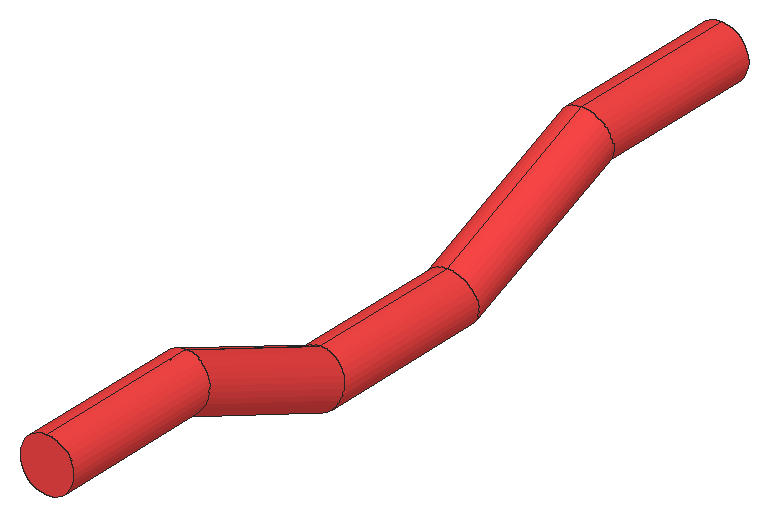
Revit family "קשת אדום", category Pipe Fittings, Revit 2019
Family settings
  Round Connector Dimension = Use Diameter
  Part Type = Union
  Work Plane-Based = No
  Always vertical = Yes
  Cut with Voids When Loaded = No
  Shared = No
Parameters
  OD [instance] = 16 mm
  H [instance] = OD + 5 mm  # 21 mm
Reference planes
  plane 1 "Center (Front/Back)": y = 0
  plane 2: z = 0
  plane 3 "Center (Left/Right)": x = 0
  plane 4: y = -50
  plane 5: y = 50
  plane 6: y = -100
  plane 7: y = 100
  plane 8: y = 150
  plane 9: z = -50.973
  plane 10: z = -21
Forms (mm)
  Sweep 1, solid, material "Polyethylene, High Density"
    path origin (0, 0, 0.031) x (0, 1, 0) y (0, 0, 1)
      loop
        line (-100, 0) -> (-50, 0) -> (0, -21.031) -> (50, -21.031) -> (100, 0) -> (150, 0)
    profile origin (0, -75, 0.031) x (0, 0, 1) y (1, 0, 0)
      loop
        circle (0, 0) r 8
Dimensions and locks
  "H": level to plane 10
  "OD": diameter of Sweep 1 sketch curve
  aligned and locked: level to plane 2
  aligned and locked: plane 10 to Sweep 1 sketch curve
Automatic sketch dimensions
  Sweep 1 sketch curve to plane 6 = 0 mm
  Sweep 1 sketch curve to plane 4 = 0 mm
  Sweep 1 sketch curve to plane 1 "Center (Front/Back)" = 0 mm
  Sweep 1 sketch curve to plane 5 = 0 mm
  Sweep 1 sketch curve to plane 7 = 0 mm
  Sweep 1 sketch curve to plane 8 = 0 mm
  level to Sweep 1 sketch curve = 0.031 mm  (x2)
  Sweep 1 sketch curve to profile plane = 0 mm  (x2)
Connectors
  piping at (0, -100, 0.031), diameter 16, driven by "OD"
    settings: on Sweep 1, index 1, connector inside diameter 609.6 mm, connector length 0 mm, flow factor 0, pipe flow 0.0 L/s, pressure drop 0.0 Pa, fitting loss kfactor 0, connector angle 0.00°, fixture units 0, engagement length 0 mm, angle of deflection 0.00°, flow configuration 0, flow direction 0, fitting loss method 0, system type 28, joint type 0, gender type 0, connector reference index -1, connector utility 0, adjustable connector no, is connector primary yes, connector description ""
  piping at (0, 150, 0.031), diameter 16, driven by "OD"
    settings: on Sweep 1, index 2, connector inside diameter 609.6 mm, connector length 0 mm, flow factor 0, pipe flow 0.0 L/s, pressure drop 0.0 Pa, fitting loss kfactor 0, connector angle 0.00°, fixture units 0, engagement length 0 mm, angle of deflection 0.00°, flow configuration 0, flow direction 0, fitting loss method 0, system type 28, joint type 0, gender type 0, connector reference index -1, connector utility 0, adjustable connector no, is connector primary no, connector description ""
